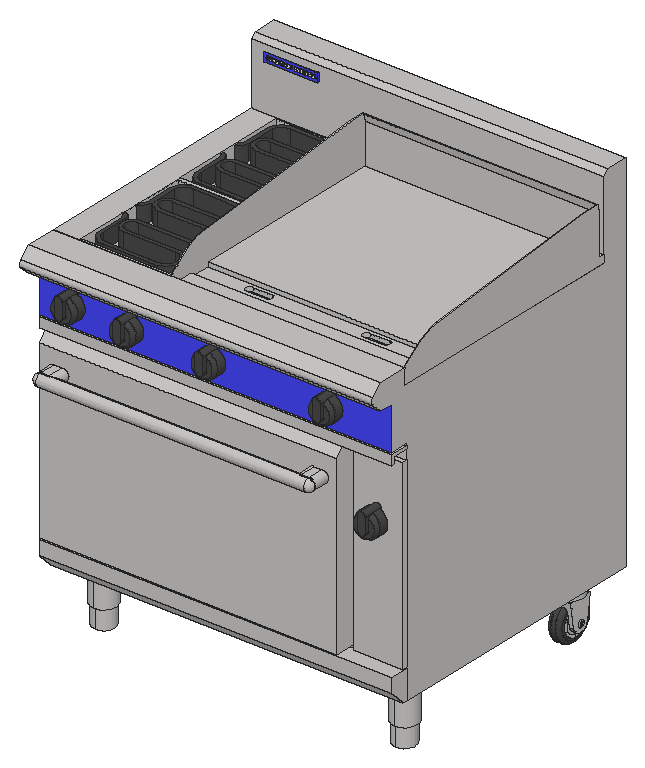
Revit family "QF_MOFFAT_BLUESEAL_CE_E506B", category Specialty Equipment, Revit 2012
Parameters
  Width = 900 mm  # constant formula
  Weight in Pounds = 436
  Watts = 18100 W
  Volts = 400 V
  URL Cutsheet = "www.moffat.com"
  URL = "www.moffat.com"
  Type Mark [instance] = ""
  Status [instance] = ""
  Specification by User [instance] = ""
  Specification by Manufacturer = ""
  Show Logo [instance] = yes
  Show Clearance [instance] = yes
  Show Casters [instance] = yes
  Serial Number = ""
  Seismic Rating = ""
  SMACNA No = ""
  Revision Code [instance] = ""
  Phase = 3
  Omniclass Number and Title = ""
  Number of Poles [instance] = 1
  NAFEM Spec ID Number = ""
  Model = "E506B"
  Min Ckt Ampacity = 0 A
  Max Overcurrent Protection = 0 A
  Masterspec = ""
  Manufacturer = "MOFFAT BLUESEAL"
  Legs [instance] = not(Show Casters)  # no
  Item Number [instance] = ""
  Installed By [instance] = ""
  Identify Quantity as Lot [instance] = yes
  Height = 970 mm  # constant formula
  HP = ""
  Furnished By [instance] = ""
  Foodservice Equipment Identifier [instance] = yes
  FL Amps = 20.9 A
  Electrical Remarks = "29.3A PER PHASE"
  Electric Connection Type = ""
  Elec Conn RI Height = 0 mm
  Elec Conn Connection Height = 0 mm
  Description = "900MM ELECTRIC RANGE WITH STATIC OVEN"
  Depth = 812 mm  # constant formula
  Cycle = 50 Hz
  Conn Plug = ""
  Conn Conduit = yes
  CSI MasterFormat = ""
  CSI Master Format = ""
  Body Finish = QF_Finishes_Stainless Steel
  Apparent Power = 0 VA
Reference planes
  plane 1 "BACK": y = 0
  plane 2: z = 0
  plane 3 "LEFT": x = 0
  plane 4 "RIGHT": x = 900
  plane 5 "FRONT": y = -812
  plane 6 "TOP": z = 970
  plane 7 "Center Y": x = 450
  plane 8 "Center X": y = -406
  plane 9: x = 280
  plane 10: y = -574.272
  plane 11: y = -304.972
  plane 12: y = -364.972
  plane 13: y = -812
  plane 14: x = 834.5
  plane 15: y = -32
  plane 16: z = 655
  plane 17: y = -100
  plane 18: z = 1085
  plane 19: y = -705
  plane 20: x = 750
Forms (mm)
  Extrusion 1, solid, material "QF_Finishes_Stainless Steel" <- "Body Finish"
    sketch origin (0, 0, 0) x (0, 1, 0) y (0, 0, 1)
      loop
        line (0, 150) -> (0, 1085) -> (-57.5, 1085) -> (-70, 1072.5) -> (-70, 875) -> (-705, 875) -> (-705, 915) -> (-783.97, 915) -> (-808.476, 890.494)
        arc (-808.476, 890.494) -> (-811.994, 882) -> (-808.476, 873.506) r 12.013
        line (-808.476, 873.506) -> (-784.97, 850) -> (-749, 850) -> (-749, 740) -> (-699, 740) -> (-699, 150) -> (0, 150)
    from 0 to 900
  Extrusion 2, solid, material "QF_Finishes_Stainless Steel"
    sketch origin (0, 7, 0) x (0, 1, 0) y (0, 0, 1)
      loop
        line (-706, 700) -> (-732, 700) -> (-756, 676) -> (-756, 227.5) -> (-706, 227.5) -> (-706, 700)
    from 0 to 760
  Extrusion 3, solid, material "QF_Finishes_Stainless Steel"
    sketch origin (723.5, 7, 0) x (0, 1, 0) y (0, 0, 1)
      loop
        line (-706, 700) -> (-721, 700) -> (-721, 227.5) -> (-706, 227.5) -> (-706, 700)
    from 51.5 to 176.5
  Revolve 4, solid, material "QF_Finishes_Stainless Steel" <- "Body Finish"
    sketch origin (834.5, -696.126, 0) x (0, 1, 0) y (0, 0, -1)
      loop
        line (39.376, -150) -> (71.126, -150) -> (71.126, 0) -> (43.626, 0) -> (43.626, -50) -> (39.376, -50) -> (39.376, -150)
      axis (71.126, -150) -> (71.126, 0)
    angle from 0 to 360
  Revolve 5, solid, material "QF_Finishes_Stainless Steel" <- "Body Finish"
    sketch origin (65.5, -696.126, 0) x (0, 1, 0) y (0, 0, 1)
      loop
        line (39.376, 150) -> (39.376, 50) -> (43.626, 50) -> (43.626, 0) -> (71.126, 0) -> (71.126, 150) -> (39.376, 150)
      axis (71.126, 150) -> (71.126, 0)
    angle from 0 to 360
  Extrusion 6, solid, material "QF_Finishes_Stainless Steel"
    sketch origin (-64.5, 0, 325) x (1, 0, 0) y (0, 1, 0)
      loop
        circle (834.5, -32) r 10
    from 330 to 371
  Revolve 7, solid, material "QF_Finishes_Black"
    sketch origin (750, 45.874, -0.118) x (0, 1, 0) y (0, 0, 1)
      loop
        line (-827.874, 829.5) -> (-838.874, 823.651) -> (-838.874, 797) -> (-794.874, 797) -> (-794.874, 802) -> (-804.874, 802) -> (-804.874, 829.5) -> (-827.874, 829.5)
      axis (-838.874, 797) -> (-794.874, 797)
    angle from 0 to 360
  Revolve 8, solid, material "QF_Finishes_Black"
    sketch origin (90.649, 45.874, -0.118) x (0, 1, 0) y (0, 0, -1)
      loop
        line (-827.874, -829.5) -> (-804.874, -829.5) -> (-804.874, -802) -> (-794.874, -802) -> (-794.874, -797) -> (-838.874, -797) -> (-838.874, -823.651) -> (-827.874, -829.5)
      axis (-838.874, -797) -> (-794.874, -797)
    angle from 0 to 360
  Revolve 9, solid, material "QF_Finishes_Black"
    sketch origin (240.649, 45.874, -0.118) x (0, 1, 0) y (0, 0, -1)
      loop
        line (-827.874, -829.5) -> (-804.874, -829.5) -> (-804.874, -802) -> (-794.874, -802) -> (-794.874, -797) -> (-838.874, -797) -> (-838.874, -823.651) -> (-827.874, -829.5)
      axis (-838.874, -797) -> (-794.874, -797)
    angle from 0 to 360
  Revolve 10, solid, material "QF_Finishes_Black"
    sketch origin (450, 45.874, -0.118) x (0, 1, 0) y (0, 0, -1)
      loop
        line (-827.874, -829.5) -> (-804.874, -829.5) -> (-804.874, -802) -> (-794.874, -802) -> (-794.874, -797) -> (-838.874, -797) -> (-838.874, -823.651) -> (-827.874, -829.5)
      axis (-838.874, -797) -> (-794.874, -797)
    angle from 0 to 360
  Extrusion 11, solid, material "QF_Finishes_Black"
    sketch origin (238.456, 7, -0.118) x (-1, 0, 0) y (0, 0, -1)
      loop
        arc (158.3, -789) -> (148.3, -779) -> (138.3, -789) r 10
        line (138.3, -789) -> (138.3, -824)
        arc (138.3, -824) -> (148.3, -834) -> (158.3, -824) r 10
        line (158.3, -824) -> (158.3, -789)
    from 759 to 808
  Extrusion 12, solid, material "QF_Finishes_Black"
    sketch origin (388.456, 7, -0.118) x (-1, 0, 0) y (0, 0, -1)
      loop
        arc (158.3, -789) -> (148.3, -779) -> (138.3, -789) r 10
        line (138.3, -789) -> (138.3, -824)
        arc (138.3, -824) -> (148.3, -834) -> (158.3, -824) r 10
        line (158.3, -824) -> (158.3, -789)
    from 759 to 808
  Extrusion 13, solid, material "QF_Finishes_Black"
    sketch origin (602.193, 7, -0.118) x (1, 0, 0) y (0, 0, 1)
      loop
        line (158.3, 789) -> (158.3, 824)
        arc (158.3, 824) -> (148.3, 834) -> (138.3, 824) r 10
        line (138.3, 824) -> (138.3, 789)
        arc (138.3, 789) -> (148.3, 779) -> (158.3, 789) r 10
    from 759 to 808
  Extrusion 14, solid, material "QF_Finishes_Black"
    sketch origin (597.807, 7, -0.118) x (-1, 0, 0) y (0, 0, -1)
      loop
        arc (158.3, -789) -> (148.3, -779) -> (138.3, -789) r 10
        line (138.3, -789) -> (138.3, -824)
        arc (138.3, -824) -> (148.3, -834) -> (158.3, -824) r 10
        line (158.3, -824) -> (158.3, -789)
    from 759 to 808
  Revolve 15, solid, material "QF_Finishes_Black"
    sketch origin (836.851, 80.874, -245.743) x (0, 1, 0) y (0, 0, 1)
      loop
        line (-827.874, 829.5) -> (-838.874, 823.651) -> (-838.874, 797) -> (-794.874, 797) -> (-794.874, 802) -> (-804.874, 802) -> (-804.874, 829.5) -> (-827.874, 829.5)
      axis (-838.874, 797) -> (-794.874, 797)
    angle from 0 to 360
  Extrusion 16, solid, material "QF_Finishes_Black"
    sketch origin (689.044, 42, -245.743) x (1, 0, 0) y (0, 0, 1)
      loop
        line (158.3, 789) -> (158.3, 824)
        arc (158.3, 824) -> (148.3, 834) -> (138.3, 824) r 10
        line (138.3, 824) -> (138.3, 789)
        arc (138.3, 789) -> (148.3, 779) -> (158.3, 789) r 10
    from 759 to 808
  Extrusion 17, solid, material "QF_Door-Drawer Clearances", visible <- "Show Clearance", detail levels coarse
    sketch origin (0, 7, 0) x (0, -1, 0) y (0, 0, 1)
      loop
        line (756, 697.347) -> (756, 227.5) -> (1225.847, 227.5)
        arc (1225.847, 227.5) -> (1088.232, 559.732) -> (756, 697.347) r 469.847
    from 0 to -760
  Extrusion 18, void
    sketch origin (0, 0, 220) x (1, 0, 0) y (0, 1, 0)
      loop
        line (824, -87) -> (824, 0) -> (694, 0) -> (694, -39) -> (744, -87) -> (824, -87)
    from 0 to 476
  Extrusion 19, solid, material "QF_Finishes_Stainless Steel"
    sketch origin (0, -749, 227.5) x (0, 0, 1) y (-1, 0, 0)
      loop
        line (380.625, -38.246) -> (380.625, -58.528)
        arc (380.625, -58.528) -> (395.625, -73.528) -> (410.625, -58.528) r 15
        line (410.625, -58.528) -> (410.625, -38.246)
        arc (410.625, -38.246) -> (395.625, -23.246) -> (380.625, -38.246) r 15
      loop
        arc (380.625, -723.039) -> (395.625, -738.039) -> (410.625, -723.039) r 15
        line (410.625, -723.039) -> (410.625, -702.757)
        arc (410.625, -702.757) -> (395.625, -687.757) -> (380.625, -702.757) r 15
        line (380.625, -702.757) -> (380.625, -723.039)
    from 0 to 44
  Revolve 20, solid, material "QF_Finishes_Stainless Steel"
    sketch origin (0, -793, 0) x (1, 0, 0) y (0, 0, 1)
      loop
        arc (738.039, 623.125) -> (733.646, 633.732) -> (723.039, 638.125) r 15
        line (723.039, 638.125) -> (38.246, 638.125)
        arc (38.246, 638.125) -> (27.64, 633.732) -> (23.246, 623.125) r 15
        line (23.246, 623.125) -> (738.039, 623.125)
      axis (738.039, 623.125) -> (23.246, 623.125)
    angle from 0 to 360
  Extrusion 21, solid, material "QF_Finishes_Stainless Steel" <- "Body Finish"
    sketch origin (0, 7, 0) x (0, 1, 0) y (0, 0, 1)
      loop
        line (-756, 710) -> (-747.224, 710) -> (-749.613, 726.999) -> (-707.93, 726.999) -> (-707.93, 734.003) -> (-756, 734.003) -> (-756, 710)
    from 0 to 900
  Extrusion 22, solid, material "QF_Finishes_Stainless Steel" <- "Body Finish"
    sketch origin (0, 4.73, 0) x (0, 1, 0) y (0, 0, 1)
      loop
        line (-753.73, 222.5) -> (-753.73, 186) -> (-717.73, 150) -> (-703.73, 150) -> (-703.73, 222.5) -> (-753.73, 222.5)
    from 0 to 900
  Extrusion 23, solid, material "QF_Finishes_Stainless Steel", visible <- "Show Casters"
    sketch origin (71.501, 133.353, -8.783) x (0, 1, 0) y (0, 0, 1)
      loop
        line (-201.603, 118.783) -> (-265.103, 118.783) -> (-252.746, 53.895)
        arc (-252.746, 53.895) -> (-233.353, 38.783) -> (-213.959, 53.895) r 20
        line (-213.959, 53.895) -> (-201.603, 118.783)
    from -35.667 to 22.923
  Revolve 24, solid, material "QF_Finishes_Stainless Steel", visible <- "Show Casters"
    sketch origin (65, -203, 0) x (0, 1, 0) y (0, 0, 1)
      loop
        line (67.25, 150) -> (67.25, 110) -> (103, 110) -> (103, 150) -> (67.25, 150)
      axis (103, 150) -> (103, 110)
    angle from 0 to 360
  Revolve 25, solid, material "QF_Finishes_Stainless Steel", visible <- "Show Casters"
    sketch origin (834.5, -203, 0) x (0, 1, 0) y (0, 0, -1)
      loop
        line (67.25, -150) -> (103, -150) -> (103, -110) -> (67.25, -110) -> (67.25, -150)
      axis (103, -150) -> (103, -110)
    angle from 0 to 360
  Revolve 26, solid, material "QF_Finishes_Stainless Steel", visible <- "Show Casters"
    sketch origin (785.276, -99.755, -13.653) x (1, 0, 0) y (0, 0, 1)
      loop
        line (14.841, 64.453) -> (83.584, 64.453) -> (83.584, 67.958) -> (82.314, 69.228) -> (80.79, 69.228) -> (80.79, 72.674) -> (68.644, 72.674) -> (68.644, 82.639) -> (65.088, 84.692) -> (63.738, 93.028) -> (65.881, 93.028) -> (65.881, 99.378) -> (65.088, 99.378) -> (65.088, 105.728)
        arc (65.088, 105.728) -> (62.298, 112.463) -> (55.563, 115.253) r 9.525
        line (55.563, 115.253) -> (42.863, 115.253)
        arc (42.863, 115.253) -> (36.127, 112.463) -> (33.338, 105.728) r 9.525
        line (33.338, 105.728) -> (33.338, 99.378) -> (32.544, 99.378) -> (32.544, 93.028) -> (34.687, 93.028) -> (33.352, 84.781) -> (29.782, 82.719) -> (29.782, 72.674) -> (17.635, 72.674) -> (17.635, 69.228) -> (16.111, 69.228) -> (14.841, 67.958) -> (14.841, 64.453)
      axis (14.841, 64.453) -> (83.584, 64.453)
    angle from 0 to 360
  Extrusion 27, solid, material "QF_Finishes_Stainless Steel", visible <- "Show Casters"
    sketch origin (841.001, 133.353, -8.783) x (0, 1, 0) y (0, 0, 1)
      loop
        line (-201.603, 118.783) -> (-265.103, 118.783) -> (-252.746, 53.895)
        arc (-252.746, 53.895) -> (-233.353, 38.783) -> (-213.959, 53.895) r 20
        line (-213.959, 53.895) -> (-201.603, 118.783)
    from -35.667 to 22.923
  Revolve 28, solid, material "QF_Finishes_Stainless Steel", visible <- "Legs"
    sketch origin (65, -165, 0) x (0, 1, 0) y (0, 0, 1)
      loop
        line (33.25, 150) -> (33.25, 50) -> (37.5, 50) -> (37.5, 0) -> (65, 0) -> (65, 150) -> (33.25, 150)
      axis (65, 150) -> (65, 0)
    angle from 0 to 360
  Revolve 29, solid, material "QF_Finishes_Stainless Steel", visible <- "Legs"
    sketch origin (834.5, -165, 0) x (0, 1, 0) y (0, 0, -1)
      loop
        line (33.25, -150) -> (65, -150) -> (65, 0) -> (37.5, 0) -> (37.5, -50) -> (33.25, -50) -> (33.25, -150)
      axis (65, -150) -> (65, 0)
    angle from 0 to 360
  Revolve 30, solid, material "QF_Finishes_Stainless Steel", visible <- "Show Casters"
    sketch origin (114.224, -99.755, -13.653) x (-1, 0, 0) y (0, 0, -1)
      loop
        line (14.841, -64.453) -> (14.841, -67.958) -> (16.111, -69.228) -> (17.635, -69.228) -> (17.635, -72.674) -> (29.782, -72.674) -> (29.782, -82.719) -> (33.352, -84.781) -> (34.687, -93.028) -> (32.544, -93.028) -> (32.544, -99.378) -> (33.338, -99.378) -> (33.338, -105.728)
        arc (33.338, -105.728) -> (36.127, -112.463) -> (42.863, -115.253) r 9.525
        line (42.863, -115.253) -> (55.563, -115.253)
        arc (55.563, -115.253) -> (62.298, -112.463) -> (65.088, -105.728) r 9.525
        line (65.088, -105.728) -> (65.088, -99.378) -> (65.881, -99.378) -> (65.881, -93.028) -> (63.738, -93.028) -> (65.088, -84.692) -> (68.644, -82.639) -> (68.644, -72.674) -> (80.79, -72.674) -> (80.79, -69.228) -> (82.314, -69.228) -> (83.584, -67.958) -> (83.584, -64.453) -> (14.841, -64.453)
      axis (14.841, -64.453) -> (83.584, -64.453)
    angle from 0 to 360
  Extrusion 31, solid, material "QF_Finishes_Stainless Steel"
    sketch origin (0, 0, 0) x (1, 0, 0) y (0, 1, 0)
      loop
        circle (826, -501) r 6.35
    from 150 to 147.817
Cuts and joins
  Extrusion 18 cuts Extrusion 1
Lines and regions (mm)
  Split face 1
    outline origin (900, 0, 1085) x (-1, 0, 0) y (0, -1, 0)
      loop
        arc (867.206, 18.385) -> (875.866, 23.385) -> (875.866, 33.385) r 10
        line (875.866, 33.385) -> (871.824, 40.385)
        arc (871.824, 40.385) -> (868.164, 44.045) -> (863.164, 45.385) r 10
        line (863.164, 45.385) -> (635.206, 45.385)
        arc (635.206, 45.385) -> (626.545, 40.385) -> (626.545, 30.385) r 10
        line (626.545, 30.385) -> (630.587, 23.385)
        arc (630.587, 23.385) -> (634.247, 19.725) -> (639.247, 18.385) r 10
        line (639.247, 18.385) -> (867.206, 18.385)
  Split face 2
    outline origin (900, 0, 1085) x (-1, 0, 0) y (0, -1, 0)
      loop
        arc (567.206, 18.385) -> (575.866, 23.385) -> (575.866, 33.385) r 10
        line (575.866, 33.385) -> (571.824, 40.385)
        arc (571.824, 40.385) -> (568.164, 44.045) -> (563.164, 45.385) r 10
        line (563.164, 45.385) -> (335.206, 45.385)
        arc (335.206, 45.385) -> (326.545, 40.385) -> (326.545, 30.385) r 10
        line (326.545, 30.385) -> (330.587, 23.385)
        arc (330.587, 23.385) -> (334.247, 19.725) -> (339.247, 18.385) r 10
        line (339.247, 18.385) -> (567.206, 18.385)
  Split face 3
    outline origin (900, 0, 1085) x (-1, 0, 0) y (0, -1, 0)
      loop
        arc (35.206, 45.385) -> (26.545, 40.385) -> (26.545, 30.385) r 10
        line (26.545, 30.385) -> (30.587, 23.385)
        arc (30.587, 23.385) -> (34.247, 19.725) -> (39.247, 18.385) r 10
        line (39.247, 18.385) -> (267.206, 18.385)
        arc (267.206, 18.385) -> (275.866, 23.385) -> (275.866, 33.385) r 10
        line (275.866, 33.385) -> (271.824, 40.385)
        arc (271.824, 40.385) -> (268.164, 44.045) -> (263.164, 45.385) r 10
        line (263.164, 45.385) -> (35.206, 45.385)
  symbolic lines
    curve 1: line (0, 0, 0) -> (0, -812, 0)
    curve 2: line (900, 0, 0) -> (0, 0, 0)
    curve 3: line (900, -812, 0) -> (900, 0, 0)
    curve 4: line (0, -70, 0) -> (900, -70, 0)
    curve 5: line (900, -812, 0) -> (0, -812, 0)
    curve 6: line (900, -705, 0) -> (0, -705, 0)
    curve 7: arc (22.65, -812, 0) -> (34.104, -822.278, 0) -> (48.889, -826.544, 0) r 34.455
    curve 8: line (48.889, -826.544, 0) -> (721.858, -826.544, 0)
    curve 9: arc (721.858, -826.544, 0) -> (736.403, -822.647, 0) -> (747.05, -812, 0) r 29.089
    curve 13: line (32.794, -18.385, 0) -> (260.753, -18.385, 0)
    curve 14: arc (260.753, -18.385, 0) -> (265.753, -19.725, 0) -> (269.413, -23.385, 0) r 10
    curve 15: line (269.413, -23.385, 0) -> (273.455, -30.385, 0)
    curve 16: arc (273.455, -30.385, 0) -> (273.455, -40.385, 0) -> (264.794, -45.385, 0) r 10
    curve 17: line (264.794, -45.385, 0) -> (36.836, -45.385, 0)
    curve 18: arc (36.836, -45.385, 0) -> (31.836, -44.045, 0) -> (28.176, -40.385, 0) r 10
    curve 19: line (28.176, -40.385, 0) -> (24.134, -33.385, 0)
    curve 20: arc (24.134, -33.385, 0) -> (24.134, -23.385, 0) -> (32.794, -18.385, 0) r 10
    curve 21: line (560.753, -18.385, 0) -> (332.794, -18.385, 0)
    curve 22: arc (332.794, -18.385, 0) -> (324.134, -23.385, 0) -> (324.134, -33.385, 0) r 10
    curve 23: line (324.134, -33.385, 0) -> (328.176, -40.385, 0)
    curve 24: arc (328.176, -40.385, 0) -> (331.836, -44.045, 0) -> (336.836, -45.385, 0) r 10
    curve 25: line (336.836, -45.385, 0) -> (564.794, -45.385, 0)
    curve 26: arc (564.794, -45.385, 0) -> (573.455, -40.385, 0) -> (573.455, -30.385, 0) r 10
    curve 27: line (573.455, -30.385, 0) -> (569.413, -23.385, 0)
    curve 28: arc (569.413, -23.385, 0) -> (565.753, -19.725, 0) -> (560.753, -18.385, 0) r 10
    curve 29: line (632.794, -18.385, 0) -> (860.753, -18.385, 0)
    curve 30: arc (860.753, -18.385, 0) -> (865.753, -19.725, 0) -> (869.413, -23.385, 0) r 10
    curve 31: line (869.413, -23.385, 0) -> (873.455, -30.385, 0)
    curve 32: arc (873.455, -30.385, 0) -> (873.455, -40.385, 0) -> (864.794, -45.385, 0) r 10
    curve 33: line (864.794, -45.385, 0) -> (636.836, -45.385, 0)
    curve 34: arc (636.836, -45.385, 0) -> (631.836, -44.045, 0) -> (628.176, -40.385, 0) r 10
    curve 35: line (628.176, -40.385, 0) -> (624.134, -33.385, 0)
    curve 36: arc (624.134, -33.385, 0) -> (624.134, -23.385, 0) -> (632.794, -18.385, 0) r 10
    curve 37: line (0, -783.97, 0) -> (900, -783.97, 0)
    curve 38: line (0, -57.5, 0) -> (900, -57.5, 0)
  symbolic lines, style "QF_Door-Drawer Clearances"
    curve 10: line (0, -1218.847, 0) -> (0, -812, 0)
    curve 11: line (0, -1218.847, 0) -> (760, -1218.847, 0)
    curve 12: line (760, -1218.847, 0) -> (760, -812, 0)
  symbolic lines, style "SpecialityEquipmentHiddenLines", visible <- "Show Casters"
    curve 39: line (106.952, -62.61, 0) -> (56.152, -150.598, 0)
    curve 40: line (79.456, -46.735, 0) -> (106.952, -62.61, 0)
    curve 41: line (28.656, -134.723, 0) -> (79.456, -46.735, 0)
    curve 42: line (56.152, -150.598, 0) -> (28.656, -134.723, 0)
    curve 43: line (866.952, -62.61, 0) -> (816.152, -150.598, 0)
    curve 44: line (839.456, -46.735, 0) -> (866.952, -62.61, 0)
    curve 45: line (788.656, -134.723, 0) -> (839.456, -46.735, 0)
    curve 46: line (816.152, -150.598, 0) -> (788.656, -134.723, 0)
Dimensions and locks
  equal spacing: plane 3 "LEFT", plane 7 "Center Y", plane 4 "RIGHT"
  "Width": plane 3 "LEFT" to plane 4 "RIGHT"
  equal spacing: plane 5 "FRONT", plane 8 "Center X", plane 1 "BACK"
  plane 5 "FRONT" to plane 1 "BACK" = 812 mm  (x2)
  equal spacing: plane 4 "RIGHT", plane 7 "Center Y", plane 3 "LEFT"
  plane 4 "RIGHT" to plane 3 "LEFT" = 900 mm
  "Height": plane 6 "TOP" to level
  plane 10 to plane 1 "BACK" = 574.272 mm
  plane 11 to plane 1 "BACK" = 304.972 mm  (x2)
  plane 9 to plane 3 "LEFT" = 280 mm
  "Depth": plane 1 "BACK" to plane 13
  plane 13 to plane 5 "FRONT" = 0 mm
  plane 6 "TOP" to plane 2 = 970 mm
  plane 2 to Extrusion 1 sketch curve = 875 mm
  locked: plane 2 to Extrusion 1 sketch curve at 915
  Revolve 26 sketch curve to Revolve 26 sketch curve = 50.8 mm
  Revolve 30 sketch curve to Revolve 30 sketch curve = 50.8 mm
  plane 18 to level = 1085 mm
  Extrusion 31 sketch curve to plane 1 "BACK" = 501 mm
  Extrusion 31 sketch curve to plane 4 "RIGHT" = 74 mm
  aligned and locked: level to plane 2
  aligned and locked: curve 3 to plane 4 "RIGHT"
Automatic sketch dimensions
  Extrusion 1 sketch curve to plane 19 = 0 mm
  Extrusion 1 sketch curve to plane 18 = 0 mm
  Extrusion 1 sketch curve to plane 1 "BACK" = 0 mm
  plane 19 to Extrusion 1 sketch curve = 44 mm
  Extrusion 1 sketch curve to plane 5 "FRONT" = 28.03 mm
  Extrusion 1 sketch curve to plane 5 "FRONT" = 27.03 mm
  Extrusion 1 sketch curve to plane 5 "FRONT" = 12.018 mm
  Extrusion 1 sketch curve to plane 5 "FRONT" = 3.524 mm  (x2)
  Extrusion 1 sketch curve to plane 19 = 6 mm
  Extrusion 1 sketch curve to plane 18 = 12.5 mm
  plane 17 to Extrusion 1 sketch curve = 30 mm
  Extrusion 1 sketch curve to Extrusion 1 sketch curve = 12.5 mm
  Extrusion 1 sketch curve to Extrusion 1 sketch curve = 41.494 mm
  Extrusion 1 sketch curve to Extrusion 1 sketch curve = 25 mm
  plane 16 to Extrusion 1 sketch curve = 85 mm
  level to Extrusion 1 sketch curve = 150 mm
  Extrusion 1 sketch curve to Extrusion 1 sketch curve = 8.494 mm
  plane 19 to Extrusion 2 sketch curve = 20 mm
  Extrusion 2 sketch curve to plane 19 = 6 mm
  level to Extrusion 2 sketch curve = 227.5 mm
  plane 19 to Extrusion 3 sketch curve = 9 mm
  Extrusion 3 sketch curve to plane 19 = 6 mm
  level to Extrusion 3 sketch curve = 227.5 mm
  plane 16 to Extrusion 3 sketch curve = 45 mm
  Revolve 4 sketch curve to level = 0 mm
  Revolve 4 sketch curve to plane 19 = 48.25 mm
  Revolve 4 sketch curve to Revolve 4 sketch curve = 4.25 mm
  Revolve 4 sketch curve to Revolve 4 sketch curve = 27.5 mm  (x2)
  level to Revolve 4 sketch curve = 50 mm
  Revolve 4 sketch curve to Revolve 4 sketch curve = 0 mm
  Revolve 4 sketch curve to Revolve 4 sketch curve = 100 mm
  Revolve 4 sketch curve to Revolve 4 sketch curve = 55 mm
  Revolve 5 sketch curve to level = 0 mm
  Revolve 5 sketch curve to plane 19 = 48.25 mm
  Revolve 5 sketch curve to Revolve 5 sketch curve = 4.25 mm
  Revolve 5 sketch curve to Revolve 5 sketch curve = 27.5 mm  (x2)
  Revolve 5 sketch curve to level = 55 mm
  Revolve 5 sketch curve to Revolve 5 sketch curve = 50 mm
  Revolve 5 sketch curve to Revolve 5 sketch curve = 0 mm
  Revolve 5 sketch curve to Revolve 5 sketch curve = 100 mm
  Extrusion 6 sketch curve to plane 15 = 0 mm
  Extrusion 6 sketch curve to plane 14 = 64.5 mm
  Revolve 7 sketch curve to plane 5 "FRONT" = 19 mm
  Revolve 7 sketch curve to Revolve 7 sketch curve = 0 mm  (x2)
  Revolve 7 sketch curve to Revolve 7 sketch curve = 11 mm
  Revolve 7 sketch curve to Revolve 7 sketch curve = 12.7 mm
  Revolve 7 sketch curve to Revolve 7 sketch curve = 23 mm
  Revolve 7 sketch curve to Revolve 7 sketch curve = 10 mm
  plane 16 to Revolve 7 sketch curve = 141.882 mm
  Revolve 7 sketch curve to Revolve 7 sketch curve = 5 mm
  Revolve 7 sketch curve to Revolve 7 sketch curve = 26.651 mm
  Revolve 7 sketch curve to Revolve 7 sketch curve = 5.849 mm
  Revolve 8 sketch curve to plane 5 "FRONT" = 19 mm
  Revolve 8 sketch curve to Revolve 8 sketch curve = 0 mm  (x2)
  Revolve 8 sketch curve to Revolve 8 sketch curve = 11 mm
  Revolve 8 sketch curve to Revolve 8 sketch curve = 12.7 mm
  Revolve 8 sketch curve to Revolve 8 sketch curve = 23 mm
  Revolve 8 sketch curve to Revolve 8 sketch curve = 10 mm
  Revolve 8 sketch curve to plane 6 "TOP" = 140.618 mm
  Revolve 8 sketch curve to Revolve 8 sketch curve = 5.849 mm
  Revolve 8 sketch curve to Revolve 8 sketch curve = 27.5 mm
  Revolve 8 sketch curve to Revolve 8 sketch curve = 5 mm
  Revolve 9 sketch curve to plane 5 "FRONT" = 19 mm
  Revolve 9 sketch curve to Revolve 9 sketch curve = 0 mm  (x2)
  Revolve 9 sketch curve to Revolve 9 sketch curve = 11 mm
  Revolve 9 sketch curve to Revolve 9 sketch curve = 12.7 mm
  Revolve 9 sketch curve to Revolve 9 sketch curve = 23 mm
  Revolve 9 sketch curve to Revolve 9 sketch curve = 10 mm
  Revolve 9 sketch curve to plane 6 "TOP" = 140.618 mm
  Revolve 9 sketch curve to Revolve 9 sketch curve = 5.849 mm
  Revolve 9 sketch curve to Revolve 9 sketch curve = 27.5 mm
  Revolve 9 sketch curve to Revolve 9 sketch curve = 5 mm
  Revolve 10 sketch curve to plane 5 "FRONT" = 19 mm
  Revolve 10 sketch curve to Revolve 10 sketch curve = 0 mm  (x2)
  Revolve 10 sketch curve to Revolve 10 sketch curve = 11 mm
  Revolve 10 sketch curve to Revolve 10 sketch curve = 12.7 mm
  Revolve 10 sketch curve to Revolve 10 sketch curve = 23 mm
  Revolve 10 sketch curve to Revolve 10 sketch curve = 10 mm
  Revolve 10 sketch curve to plane 6 "TOP" = 140.618 mm
  Revolve 10 sketch curve to Revolve 10 sketch curve = 5.849 mm
  Revolve 10 sketch curve to Revolve 10 sketch curve = 27.5 mm
  Revolve 10 sketch curve to Revolve 10 sketch curve = 5 mm
  Extrusion 11 sketch curve to Extrusion 11 sketch curve = 10 mm
  Extrusion 11 sketch curve to plane 6 "TOP" = 146.118 mm
  Extrusion 11 sketch curve to Extrusion 11 sketch curve = 35 mm
  Extrusion 12 sketch curve to plane 9 = 29.844 mm
  Extrusion 12 sketch curve to Extrusion 12 sketch curve = 10 mm
  Extrusion 12 sketch curve to plane 6 "TOP" = 146.118 mm
  Extrusion 12 sketch curve to Extrusion 12 sketch curve = 35 mm
  Extrusion 13 sketch curve to plane 14 = 94.007 mm
  Extrusion 13 sketch curve to Extrusion 13 sketch curve = 10 mm
  plane 16 to Extrusion 13 sketch curve = 133.882 mm
  Extrusion 13 sketch curve to Extrusion 13 sketch curve = 35 mm
  plane 7 "Center Y" to Extrusion 14 sketch curve = 9.507 mm
  Extrusion 14 sketch curve to Extrusion 14 sketch curve = 10 mm
  Extrusion 14 sketch curve to plane 6 "TOP" = 146.118 mm
  Extrusion 14 sketch curve to Extrusion 14 sketch curve = 35 mm
  Revolve 15 sketch curve to plane 5 "FRONT" = 54 mm
  Revolve 15 sketch curve to Revolve 15 sketch curve = 0 mm  (x2)
  Revolve 15 sketch curve to Revolve 15 sketch curve = 11 mm
  Revolve 15 sketch curve to Revolve 15 sketch curve = 12.7 mm
  plane 19 to Revolve 15 sketch curve = 19 mm
  plane 19 to Revolve 15 sketch curve = 9 mm
  Revolve 15 sketch curve to plane 16 = 103.743 mm
  Revolve 15 sketch curve to Revolve 15 sketch curve = 5 mm
  Revolve 15 sketch curve to Revolve 15 sketch curve = 26.651 mm
  Revolve 15 sketch curve to Revolve 15 sketch curve = 5.849 mm
  Extrusion 16 sketch curve to plane 14 = 7.156 mm
  plane 14 to Extrusion 16 sketch curve = 2.844 mm
  Extrusion 16 sketch curve to plane 16 = 111.743 mm
  Extrusion 16 sketch curve to Extrusion 16 sketch curve = 35 mm
  plane 19 to Extrusion 17 sketch curve = 44 mm
  level to Extrusion 17 sketch curve = 227.5 mm
  plane 5 "FRONT" to Extrusion 17 sketch curve = 406.847 mm
  plane 1 "BACK" to Extrusion 18 sketch curve = 0 mm
  Extrusion 18 sketch curve to plane 15 = 7 mm
  Extrusion 18 sketch curve to plane 14 = 140.5 mm
  plane 17 to Extrusion 18 sketch curve = 13 mm
  Extrusion 18 sketch curve to Extrusion 18 sketch curve = 50 mm
  Extrusion 18 sketch curve to plane 14 = 10.5 mm
  Extrusion 19 sketch curve to plane 16 = 46.875 mm  (x2)
  Extrusion 19 sketch curve to Extrusion 19 sketch curve = 15 mm  (x2)
  Extrusion 19 sketch curve to plane 14 = 131.743 mm
  Extrusion 19 sketch curve to Extrusion 19 sketch curve = 20.282 mm  (x2)
  Revolve 20 sketch curve to plane 3 "LEFT" = 6.961 mm
  plane 3 "LEFT" to Revolve 20 sketch curve = 23.246 mm
  Revolve 20 sketch curve to plane 16 = 16.875 mm
  Revolve 20 sketch curve to Revolve 20 sketch curve = 15 mm
  Revolve 20 sketch curve to plane 16 = 31.875 mm
  plane 7 "Center Y" to Revolve 20 sketch curve = 138.039 mm
  Revolve 20 sketch curve to plane 14 = 111.461 mm
  plane 19 to Extrusion 21 sketch curve = 44 mm
  Extrusion 21 sketch curve to Extrusion 21 sketch curve = 6.387 mm
  Extrusion 21 sketch curve to Extrusion 21 sketch curve = 8.776 mm
  Extrusion 21 sketch curve to plane 19 = 4.07 mm
  plane 16 to Extrusion 21 sketch curve = 55 mm
  Extrusion 21 sketch curve to Extrusion 21 sketch curve = 16.999 mm
  Extrusion 21 sketch curve to Extrusion 21 sketch curve = 7.004 mm
  plane 19 to Extrusion 22 sketch curve = 44 mm
  Extrusion 22 sketch curve to Extrusion 22 sketch curve = 36.5 mm
  Extrusion 23 sketch curve to plane 17 = 0 mm
  Extrusion 23 sketch curve to plane 17 = 19.393 mm
  Extrusion 23 sketch curve to plane 17 = 31.75 mm
  plane 17 to Extrusion 23 sketch curve = 19.393 mm
  plane 17 to Extrusion 23 sketch curve = 31.75 mm
  level to Extrusion 23 sketch curve = 45.111 mm
  Extrusion 23 sketch curve to Extrusion 23 sketch curve = 4.889 mm
  Extrusion 23 sketch curve to Extrusion 23 sketch curve = 64.889 mm
  Revolve 24 sketch curve to plane 17 = 0 mm  (x2)
  Revolve 24 sketch curve to plane 17 = 35.75 mm
  Revolve 24 sketch curve to level = 55 mm
  level to Revolve 24 sketch curve = 50 mm
  Revolve 24 sketch curve to Revolve 24 sketch curve = 60 mm
  Revolve 24 sketch curve to Revolve 24 sketch curve = 40 mm
  Revolve 25 sketch curve to plane 17 = 0 mm  (x2)
  Revolve 25 sketch curve to plane 17 = 35.75 mm
  level to Revolve 25 sketch curve = 150 mm
  Revolve 25 sketch curve to Revolve 25 sketch curve = 40 mm
  level to Revolve 25 sketch curve = 50 mm
  Revolve 25 sketch curve to level = 55 mm
  Revolve 26 sketch curve to plane 14 = 34.382 mm
  Revolve 26 sketch curve to Revolve 26 sketch curve = 1.27 mm  (x4)
  Revolve 26 sketch curve to Revolve 26 sketch curve = 1.524 mm  (x2)
  Revolve 26 sketch curve to Revolve 26 sketch curve = 12.146 mm  (x2)
  Revolve 26 sketch curve to plane 14 = 16.68 mm
  Revolve 26 sketch curve to Revolve 26 sketch curve = 0.794 mm  (x2)
  Revolve 26 sketch curve to Revolve 26 sketch curve = 3.57 mm
  Revolve 26 sketch curve to Revolve 26 sketch curve = 2.143 mm
  Revolve 26 sketch curve to plane 14 = 6.361 mm
  plane 14 to Revolve 26 sketch curve = 5.13 mm
  plane 14 to Revolve 26 sketch curve = 6.339 mm
  plane 14 to Revolve 26 sketch curve = 14.515 mm
  Revolve 26 sketch curve to Revolve 26 sketch curve = 1.349 mm  (x2)
  Revolve 26 sketch curve to Revolve 26 sketch curve = 3.556 mm
  Revolve 26 sketch curve to plane 4 "RIGHT" = 2.18 mm
  level to Revolve 26 sketch curve = 50.8 mm
  Revolve 26 sketch curve to Revolve 26 sketch curve = 0 mm
  Revolve 26 sketch curve to Revolve 26 sketch curve = 3.505 mm  (x2)
  Revolve 26 sketch curve to Revolve 26 sketch curve = 3.447 mm  (x2)
  Revolve 26 sketch curve to Revolve 26 sketch curve = 9.964 mm
  Revolve 26 sketch curve to Revolve 26 sketch curve = 10.045 mm
  Revolve 26 sketch curve to Revolve 26 sketch curve = 2.053 mm
  Revolve 26 sketch curve to Revolve 26 sketch curve = 2.061 mm
  Revolve 26 sketch curve to Revolve 26 sketch curve = 8.247 mm
  Revolve 26 sketch curve to Revolve 26 sketch curve = 8.336 mm
  Revolve 26 sketch curve to Revolve 26 sketch curve = 6.35 mm  (x2)
  Extrusion 27 sketch curve to plane 17 = 0 mm
  Extrusion 27 sketch curve to plane 17 = 19.393 mm
  Extrusion 27 sketch curve to plane 17 = 31.75 mm
  plane 17 to Extrusion 27 sketch curve = 19.393 mm
  plane 17 to Extrusion 27 sketch curve = 31.75 mm
  level to Extrusion 27 sketch curve = 45.111 mm
  Extrusion 27 sketch curve to Extrusion 27 sketch curve = 4.889 mm
  Extrusion 27 sketch curve to Extrusion 27 sketch curve = 64.889 mm
  Revolve 28 sketch curve to level = 0 mm
  Revolve 28 sketch curve to plane 17 = 0 mm  (x2)
  Revolve 28 sketch curve to Revolve 28 sketch curve = 27.5 mm
  Revolve 28 sketch curve to Revolve 28 sketch curve = 31.75 mm
  Revolve 28 sketch curve to level = 55 mm
  Revolve 28 sketch curve to Revolve 28 sketch curve = 50 mm
  Revolve 28 sketch curve to Revolve 28 sketch curve = 0 mm
  Revolve 28 sketch curve to Revolve 28 sketch curve = 100 mm
  Revolve 29 sketch curve to level = 0 mm
  Revolve 29 sketch curve to plane 17 = 0 mm  (x2)
  Revolve 29 sketch curve to Revolve 29 sketch curve = 27.5 mm
  Revolve 29 sketch curve to Revolve 29 sketch curve = 31.75 mm
  level to Revolve 29 sketch curve = 50 mm
  Revolve 29 sketch curve to Revolve 29 sketch curve = 0 mm
  Revolve 29 sketch curve to Revolve 29 sketch curve = 100 mm
  Revolve 29 sketch curve to Revolve 29 sketch curve = 55 mm
  Revolve 30 sketch curve to Revolve 30 sketch curve = 1.27 mm  (x4)
  Revolve 30 sketch curve to Revolve 30 sketch curve = 1.524 mm  (x2)
  Revolve 30 sketch curve to Revolve 30 sketch curve = 0.794 mm  (x2)
  Revolve 30 sketch curve to Revolve 30 sketch curve = 3.57 mm
  Revolve 30 sketch curve to Revolve 30 sketch curve = 2.143 mm
  Revolve 30 sketch curve to Revolve 30 sketch curve = 1.349 mm  (x2)
  Revolve 30 sketch curve to Revolve 30 sketch curve = 3.556 mm
  Revolve 30 sketch curve to Revolve 30 sketch curve = 12.146 mm  (x2)
  Revolve 30 sketch curve to plane 3 "LEFT" = 2.68 mm
  level to Revolve 30 sketch curve = 101.6 mm
  Revolve 30 sketch curve to Revolve 30 sketch curve = 6.35 mm  (x4)
  Revolve 30 sketch curve to Revolve 30 sketch curve = 8.247 mm
  Revolve 30 sketch curve to Revolve 30 sketch curve = 8.336 mm
  Revolve 30 sketch curve to Revolve 30 sketch curve = 2.061 mm
  Revolve 30 sketch curve to Revolve 30 sketch curve = 2.053 mm
  Revolve 30 sketch curve to Revolve 30 sketch curve = 10.045 mm
  Revolve 30 sketch curve to Revolve 30 sketch curve = 9.964 mm
  Revolve 30 sketch curve to Revolve 30 sketch curve = 3.447 mm  (x2)
  Revolve 30 sketch curve to Revolve 30 sketch curve = 3.505 mm
  Split face 1 sketch curve to cut or joined group of Extrusion 1, Extrusion 18 = 27.115 mm
  Split face 1 sketch curve to cut or joined group of Extrusion 1, Extrusion 18 = 626.545 mm
  Split face 1 sketch curve to Split face 1 sketch curve = 4.041 mm  (x4)
  Split face 1 sketch curve to Split face 1 sketch curve = 8.66 mm  (x2)
  Split face 1 sketch curve to cut or joined group of Extrusion 1, Extrusion 18 = 12.115 mm
  Split face 1 sketch curve to Split face 1 sketch curve = 223.917 mm
  Split face 1 sketch curve to Split face 1 sketch curve = 7 mm  (x3)
  Split face 1 sketch curve to Split face 1 sketch curve = 17 mm
  Split face 2 sketch curve to cut or joined group of Extrusion 1, Extrusion 18 = 27.115 mm
  Split face 2 sketch curve to cut or joined group of Extrusion 1, Extrusion 18 = 326.545 mm
  Split face 2 sketch curve to cut or joined group of Extrusion 1, Extrusion 18 = 23.385 mm
  Split face 2 sketch curve to Split face 2 sketch curve = 4.041 mm  (x3)
  Split face 2 sketch curve to Split face 2 sketch curve = 8.66 mm  (x3)
  Split face 2 sketch curve to cut or joined group of Extrusion 1, Extrusion 18 = 12.115 mm
  Split face 2 sketch curve to Split face 2 sketch curve = 223.917 mm
  Split face 2 sketch curve to cut or joined group of Extrusion 1, Extrusion 18 = 18.385 mm
  Split face 2 sketch curve to Split face 2 sketch curve = 10 mm
  Split face 2 sketch curve to Split face 2 sketch curve = 7 mm
  Split face 3 sketch curve to cut or joined group of Extrusion 1, Extrusion 18 = 27.115 mm
  Split face 3 sketch curve to cut or joined group of Extrusion 1, Extrusion 18 = 26.545 mm
  Split face 3 sketch curve to cut or joined group of Extrusion 1, Extrusion 18 = 23.385 mm
  Split face 3 sketch curve to Split face 3 sketch curve = 4.041 mm  (x4)
  Split face 3 sketch curve to Split face 3 sketch curve = 8.66 mm  (x2)
  Split face 3 sketch curve to cut or joined group of Extrusion 1, Extrusion 18 = 22.115 mm
  Split face 3 sketch curve to Split face 3 sketch curve = 223.917 mm
  Split face 3 sketch curve to cut or joined group of Extrusion 1, Extrusion 18 = 17.115 mm
  Split face 3 sketch curve to Split face 3 sketch curve = 17 mm
  Split face 3 sketch curve to Split face 3 sketch curve = 7 mm
  Extrusion 2 sketch curve to Extrusion 2 sketch curve = 24 mm
  plane 16 to Extrusion 2 sketch curve = 21 mm
  plane 16 to Extrusion 2 sketch curve = 45 mm
  Extrusion 22 sketch curve to plane 19 = 6 mm
  level to Extrusion 22 sketch curve = 150 mm
  Extrusion 22 sketch curve to Extrusion 22 sketch curve = 36 mm
  plane 19 to Extrusion 22 sketch curve = 8 mm
  plane 3 "LEFT" to Extrusion 11 sketch curve = 100.156 mm
  plane 3 "LEFT" to Extrusion 19 sketch curve = 58.528 mm
  plane 3 "LEFT" to Revolve 30 sketch curve = 30.64 mm
  Revolve 30 sketch curve to Revolve 30 sketch curve = 9.525 mm
  Revolve 30 sketch curve to Revolve 30 sketch curve = 14.29 mm
  Revolve 30 sketch curve to Revolve 30 sketch curve = 12.7 mm
  Revolve 30 sketch curve to Revolve 30 sketch curve = 8.176 mm
  Revolve 30 sketch curve to Revolve 30 sketch curve = 0.808 mm
  plane 1 "BACK" to curve 1 = 0 mm
  curve 1 to plane 3 "LEFT" = 0 mm
  plane 5 "FRONT" to curve 7 = 0 mm
  plane 19 to curve 6 = 0 mm
  plane 3 "LEFT" to curve 7 = 22.65 mm
  curve 20 to plane 15 = 1.385 mm
  plane 3 "LEFT" to curve 20 = 24.134 mm
  curve 19 to curve 18 = 4.041 mm
  plane 3 "LEFT" to curve 41 = 28.656 mm
  plane 15 to curve 13 = 13.615 mm
  curve 20 to curve 13 = 8.66 mm
  curve 18 to curve 17 = 8.66 mm
  plane 5 "FRONT" to curve 8 = 14.544 mm
  curve 7 to curve 8 = 26.239 mm
  curve 7 to plane 5 "FRONT" = 19.857 mm
  curve 41 to curve 42 = 27.496 mm
  curve 40 to plane 15 = 14.735 mm
  curve 18 to curve 40 = 42.62 mm
  curve 13 to plane 9 = 19.247 mm
  curve 17 to plane 9 = 15.206 mm
  plane 15 to curve 14 = 8.615 mm
  curve 14 to curve 14 = 8.66 mm
  plane 15 to curve 16 = 1.615 mm
  curve 16 to plane 9 = 6.545 mm
  curve 23 to plane 15 = 1.385 mm
  plane 9 to curve 23 = 44.134 mm
  curve 23 to curve 24 = 4.041 mm
  plane 15 to curve 22 = 3.615 mm
  curve 22 to curve 22 = 8.66 mm
  curve 24 to curve 24 = 8.66 mm
  plane 7 "Center Y" to curve 28 = 110.753 mm
  curve 28 to curve 26 = 4.041 mm
  plane 15 to curve 27 = 8.615 mm
  curve 21 to curve 27 = 8.66 mm
  plane 15 to curve 27 = 1.615 mm
  curve 27 to curve 27 = 4.041 mm
  curve 36 to plane 15 = 1.385 mm
  curve 27 to curve 36 = 50.679 mm
  curve 35 to plane 15 = 8.385 mm
  curve 35 to curve 35 = 4.041 mm
  plane 15 to curve 29 = 13.615 mm
  curve 36 to curve 29 = 8.66 mm
  curve 34 to curve 34 = 8.66 mm
  curve 8 to plane 14 = 112.642 mm
  curve 45 to plane 17 = 34.723 mm
  curve 45 to plane 14 = 45.844 mm
  curve 9 to curve 9 = 25.191 mm
  curve 43 to plane 17 = 50.598 mm
  curve 45 to curve 43 = 27.496 mm
  curve 9 to curve 12 = 12.95 mm
  curve 45 to plane 15 = 14.735 mm
  plane 14 to curve 29 = 26.253 mm
  curve 30 to curve 32 = 4.041 mm  (x2)
  plane 15 to curve 31 = 8.615 mm
  curve 29 to curve 31 = 8.66 mm
  plane 15 to curve 32 = 1.615 mm
  curve 10 to curve 8 = 392.303 mm
  curve 37 to plane 5 "FRONT" = 28.03 mm
  curve 42 to plane 17 = 50.598 mm
  plane 17 to curve 4 = 30 mm
  curve 4 to curve 38 = 12.5 mm
  curve 32 to plane 15 = 13.385 mm
  curve 18 to plane 15 = 13.385 mm
  curve 25 to plane 15 = 13.385 mm
  curve 19 to curve 19 = 7 mm
  curve 23 to curve 23 = 7 mm
  radius of Extrusion 6 sketch curve = 10 mm
  radius of Extrusion 31 sketch curve = 6.35 mm
Nested families
  nested 1: "WALDORF LOGO_FACE BASE" at (32, -70, 1056.385) x (1, 0, 0) z (0, -1, 0), visible <- "Show Logo", type "WALDORF LOGO_FACE BASE", detail levels medium+fine
    with Show Logo yes
  nested 2: "ELECTRIC BURNER & GRIDDLE 900" at (0, -70, 875), type "ELECTRIC BURNER & GRIDDLE 900"
    with Width 900 mm, Type Mark "", Status "", Specification by User "", Show Clearance yes, Revision Code "", Number of Poles 1, Mechanical Remarks "", Mechanical Connection Type "", Item Number "", Installed By "", Identify Quantity as Lot yes, Gas RI Height 0 mm, Gas KW 0, Gas Input 0.0 Btu/h, Furnished By "", Foodservice Equipment Identifier yes, Electrical Remarks "", Electric Connection Type "", Elec Conn RI Height 0 mm, Elec Conn Connection Height 0 mm, Depth 635 mm
Connectors
  electrical at (826, -501, 147.817), driven by "Volts", driven by "Watts"
    settings: on Extrusion 31, index 5, voltage 400 V, apparent load 18100 VA, apparent load phase1 0 VA, apparent load phase2 0 VA, apparent load phase3 0 VA, power factor 1, load classification "Other", number of poles 1, system type 30, power factor state 1, is connector primary yes, connector utility no, sub classification motor no, connector description "ELECTRICAL CONNECTION"
Definition of nested family "WALDORF LOGO_FACE BASE"
  Parameters (values of type "WALDORF LOGO_FACE BASE")
    Show Logo [instance] = yes
    Default Elevation = 1219.2 mm
  Reference planes
    plane 1 "Center (Front/Back)": y = 0
    plane 2: z = 0
    plane 3 "Center (Left/Right)": x = 0
  Forms (mm)
    Extrusion 1, solid
      sketch origin (0, 0, 0) x (1, 0, 0) y (0, 1, 0)
        loop
          line (-1219.2, 1219.2) -> (-1219.2, -1219.2) -> (1219.2, -1219.2) -> (1219.2, 1219.2) -> (-1219.2, 1219.2)
      from 0 to -304.8
    Extrusion 2, solid, material "QF_Finishes_Blue", visible <- "Show Logo"
      sketch origin (0, -33.217, 0) x (1, 0, 0) y (0, 1, 0)
        loop
          arc (138, 31.942) -> (137.626, 32.844) -> (136.724, 33.217) r 1.276
          line (136.724, 33.217) -> (1.29, 33.217)
          arc (1.29, 33.217) -> (0.378, 32.839) -> (0, 31.927) r 1.29
          line (0, 31.927) -> (0, 11.507)
          arc (0, 11.507) -> (0.378, 10.595) -> (1.29, 10.217) r 1.29
          line (1.29, 10.217) -> (136.71, 10.217)
          arc (136.71, 10.217) -> (137.622, 10.595) -> (138, 11.507) r 1.29
          line (138, 11.507) -> (138, 31.942)
      from 0 to 1.588
    Extrusion 3, solid, material "QF_Finishes_White", visible <- "Show Logo"
      sketch origin (0, -33.217, 1.588) x (1, 0, 0) y (0, 1, 0)
        loop
          arc (108.946, 25.919) -> (107.613, 25.367) -> (107.061, 24.034) r 1.885
          line (107.061, 24.034) -> (107.061, 17.211) -> (112.704, 17.211) -> (112.704, 19.129) -> (115.546, 19.129) -> (115.546, 17.211) -> (121.584, 17.211) -> (121.584, 24.075)
          arc (121.584, 24.075) -> (121.043, 25.379) -> (119.739, 25.919) r 1.845
          line (119.739, 25.919) -> (108.946, 25.919)
        loop
          line (123.478, 25.919) -> (123.478, 17.163) -> (134.904, 17.163) -> (134.904, 19.129) -> (129.246, 19.129) -> (129.246, 25.919) -> (123.478, 25.919)
        loop
          line (112.704, 21.258) -> (115.546, 21.258) -> (115.546, 22.702)
          arc (115.546, 22.702) -> (115.344, 23.188) -> (114.858, 23.389) r 0.687
          line (114.858, 23.389) -> (113.363, 23.389)
          arc (113.363, 23.389) -> (112.897, 23.196) -> (112.704, 22.73) r 0.658
          line (112.704, 22.73) -> (112.704, 21.258)
        loop
          line (105.071, 25.919) -> (93.771, 25.919) -> (93.771, 17.163) -> (105.071, 17.163) -> (105.071, 19.063) -> (99.535, 19.063) -> (99.535, 20.437) -> (105.071, 20.437) -> (105.071, 22.278) -> (99.535, 22.278) -> (99.535, 23.587) -> (105.071, 23.587) -> (105.071, 25.919)
        loop
          line (91.104, 25.919) -> (79.541, 25.919)
          arc (79.541, 25.919) -> (78.558, 25.513) -> (78.152, 24.53) r 1.389
          line (78.152, 24.53) -> (78.152, 22.08)
          arc (78.152, 22.08) -> (78.558, 21.098) -> (79.541, 20.691) r 1.389
          line (79.541, 20.691) -> (86.346, 20.691) -> (86.346, 18.864) -> (83.266, 18.864) -> (83.266, 19.664) -> (78.152, 19.664) -> (78.152, 18.553)
          arc (78.152, 18.553) -> (78.558, 17.57) -> (79.541, 17.163) r 1.389
          line (79.541, 17.163) -> (91.063, 17.163)
          arc (91.063, 17.163) -> (92.045, 17.57) -> (92.452, 18.553) r 1.389
          line (92.452, 18.553) -> (92.452, 20.691)
          arc (92.452, 20.691) -> (92.045, 21.673) -> (91.063, 22.08) r 1.389
          line (91.063, 22.08) -> (83.266, 22.08) -> (83.266, 23.984) -> (86.346, 23.984) -> (86.346, 22.743) -> (92.452, 22.743) -> (92.452, 24.571)
          arc (92.452, 24.571) -> (92.057, 25.524) -> (91.104, 25.919) r 1.348
        loop
          line (70.705, 25.919) -> (59.405, 25.919) -> (59.405, 17.163) -> (70.705, 17.163) -> (70.705, 19.063) -> (65.169, 19.063) -> (65.169, 20.437) -> (70.705, 20.437) -> (70.705, 22.278) -> (65.169, 22.278) -> (65.169, 23.587) -> (70.705, 23.587) -> (70.705, 25.919)
        loop
          line (57.598, 25.919) -> (51.7, 25.919) -> (51.7, 20.18)
          arc (51.7, 20.18) -> (50.63, 19.11) -> (49.56, 20.18) r 1.07
          line (49.56, 20.18) -> (49.56, 25.919) -> (43.663, 25.919) -> (43.663, 19.049)
          arc (43.663, 19.049) -> (44.215, 17.716) -> (45.548, 17.163) r 1.885
          line (45.548, 17.163) -> (55.71, 17.163)
          arc (55.71, 17.163) -> (57.045, 17.716) -> (57.598, 19.051) r 1.887
          line (57.598, 19.051) -> (57.598, 25.919)
        loop
          line (31.62, 25.919) -> (31.62, 17.163) -> (43.046, 17.163) -> (43.046, 19.129) -> (37.388, 19.129) -> (37.388, 25.919) -> (31.62, 25.919)
        loop
          line (15.969, 25.919) -> (15.969, 17.163) -> (28.693, 17.163)
          arc (28.693, 17.163) -> (29.812, 17.627) -> (30.276, 18.746) r 1.582
          line (30.276, 18.746) -> (30.276, 20.447) -> (29.48, 21.243) -> (30.276, 22.039) -> (30.276, 24.332)
          arc (30.276, 24.332) -> (29.811, 25.454) -> (28.688, 25.919) r 1.587
          line (28.688, 25.919) -> (15.969, 25.919)
        loop
          line (21.449, 24.159) -> (21.449, 22.436) -> (23.862, 22.436)
          arc (23.862, 22.436) -> (24.723, 23.298) -> (23.862, 24.159) r 0.861
          line (23.862, 24.159) -> (21.449, 24.159)
        loop
          line (21.449, 20.244) -> (21.449, 18.522) -> (23.862, 18.522)
          arc (23.862, 18.522) -> (24.723, 19.383) -> (23.862, 20.244) r 0.861
          line (23.862, 20.244) -> (21.449, 20.244)
      from 0 to 0.2
    Extrusion 4, solid, material "QF_Finishes_Blue", visible <- "Show Logo"
      sketch origin (-126.498, -31.09, 1.588) x (1, 0, 0) y (0, 1, 0)
        loop
          line (136.738, 23.522) -> (136.738, 15.1)
          arc (136.738, 15.1) -> (140.756, 19.311) -> (136.738, 23.522) r 4.216
      from 0 to 0.2
    Extrusion 5, solid, material "QF_Finishes_Red", visible <- "Show Logo"
      sketch origin (146.849, -31.09, 1.588) x (-1, 0, 0) y (0, -1, 0)
        loop
          arc (136.738, -23.522) -> (140.756, -19.311) -> (136.738, -15.1) r 4.216
          line (136.738, -15.1) -> (136.738, -23.522)
      from 0 to 0.2
  Lines and regions (mm)
    Split face 1
      outline origin (-90.35, -30.793, 1.588) x (1, 0, 0) y (0, 1, 0)
        loop
          circle (100.54, 19.013) r 4.536
  Dimensions and locks
    aligned and locked: plane 2 to Extrusion 1
    aligned and locked: level to Extrusion 1
Definition of nested family "ELECTRIC BURNER & GRIDDLE 900"
  Parameters (values of type "ELECTRIC BURNER & GRIDDLE 900")
    Width [instance] = 900 mm
    Weight in Pounds = 0
    Watts = 0 W
    Volts = 0 V
    URL Cutsheet = ""
    Type Mark [instance] = ""
    Status [instance] = ""
    Specification by User [instance] = ""
    Specification by Manufacturer = ""
    Show Clearance [instance] = yes
    Serial Number = ""
    Seismic Rating = ""
    SMACNA No = ""
    Revision Code [instance] = ""
    Phase = 1
    Omniclass Number and Title = ""
    Number of Poles [instance] = 1
    NAFEM Spec ID Number = ""
    Min Ckt Ampacity = 0 A
    Mechanical Remarks [instance] = ""
    Mechanical Connection Type [instance] = ""
    Max Overcurrent Protection = 0 A
    Masterspec = ""
    Item Number [instance] = ""
    Installed By [instance] = ""
    Identify Quantity as Lot [instance] = yes
    HP = ""
    Gas Size = 0"
    Gas RI Height [instance] = 0 mm
    Gas KW [instance] = 0
    Gas Input [instance] = 0.0 Btu/h
    Gas Connection Height = 0 mm
    Furnished By [instance] = ""
    Foodservice Equipment Identifier [instance] = yes
    FL Amps = 0 A
    Electrical Remarks [instance] = ""
    Electric Connection Type [instance] = ""
    Elec Conn RI Height [instance] = 0 mm
    Elec Conn Connection Height [instance] = 0 mm
    Depth [instance] = 635 mm
    Cycle = 0 Hz
    Conn Plug = ""
    Conn Conduit = yes
    CSI MasterFormat = ""
    CSI Master Format = ""
    Apparent Power = if(Phase = 3, Volts * FL Amps * 1.73, Volts * FL Amps)  # 0 VA
  Reference planes
    plane 1 "BACK": y = 0
    plane 2: z = 0
    plane 3 "LEFT": x = 0
    plane 4 "RIGHT": x = 900
    plane 5 "FRONT": y = -635
    plane 6 "TOP": z = 142.5
    plane 7 "Center Y": x = 450
    plane 8 "Center X": y = -317.5
    plane 9: y = -70
    plane 10: x = 65.8
    plane 11: y = 70
  Forms (mm)
    Extrusion 1, solid, material "QF_Finishes_Stainless Steel"
      sketch origin (0, 1, 0) x (0, -1, 0) y (1, 0, 0)
        loop
          line (1, 0) -> (636, 0) -> (636, 300) -> (1, 300) -> (1, 0)
        loop
          line (631, 65.8) -> (631, 294.362) -> (321.251, 294.362) -> (321.251, 65.8) -> (631, 65.8)
        loop
          line (6, 294.362) -> (6, 65.8) -> (313.651, 65.8) -> (313.651, 294.362) -> (6, 294.362)
      from 0 to 40
    Extrusion 2, solid, material "QF_Finishes_Black"
      sketch origin (0, 15.7, 0) x (0, -1, 0) y (1, 0, 0)
        loop
          arc (156.993, 65.612) -> (148.172, 80.048) -> (132.304, 85.912) r 25.79
          line (132.304, 85.912) -> (61.096, 85.912)
          arc (61.096, 85.912) -> (42.545, 94.459) -> (35.45, 113.612) r 26.722
          line (35.45, 113.612) -> (35.45, 246.212)
          arc (35.45, 246.212) -> (63.15, 273.912) -> (90.85, 246.212) r 27.7
          line (90.85, 246.212) -> (90.85, 113.769)
          arc (90.85, 113.769) -> (118.55, 86.069) -> (146.25, 113.769) r 27.7
          line (146.25, 113.769) -> (146.25, 246.212)
          arc (146.25, 246.212) -> (173.95, 273.912) -> (201.65, 246.212) r 27.7
          line (201.65, 246.212) -> (201.65, 114.237)
          arc (201.65, 114.237) -> (229.35, 86.537) -> (257.05, 114.237) r 27.7
          line (257.05, 114.237) -> (257.05, 246.212)
          arc (257.05, 246.212) -> (284.75, 273.912) -> (312.45, 246.212) r 27.7
          line (312.45, 246.212) -> (312.45, 113.612)
          arc (312.45, 113.612) -> (305.355, 94.459) -> (286.804, 85.912) r 26.722
          line (286.804, 85.912) -> (215.596, 85.912)
          arc (215.596, 85.912) -> (199.705, 80.037) -> (190.819, 65.612) r 25.973
          line (190.819, 65.612) -> (201.232, 65.612)
          arc (201.232, 65.612) -> (206.91, 72.964) -> (215.719, 75.912) r 15.973
          line (215.719, 75.912) -> (286.986, 75.912)
          arc (286.986, 75.912) -> (312.551, 87.513) -> (322.45, 113.784) r 36.722
          line (322.45, 113.784) -> (322.45, 246.212)
          arc (322.45, 246.212) -> (284.75, 283.912) -> (247.05, 246.212) r 37.7
          line (247.05, 246.212) -> (247.05, 113.612)
          arc (247.05, 113.612) -> (229.35, 95.912) -> (211.65, 113.612) r 17.7
          line (211.65, 113.612) -> (211.65, 246.212)
          arc (211.65, 246.212) -> (173.95, 283.912) -> (136.25, 246.212) r 37.7
          line (136.25, 246.212) -> (136.25, 113.612)
          arc (136.25, 113.612) -> (118.55, 95.912) -> (100.85, 113.612) r 17.7
          line (100.85, 113.612) -> (100.85, 246.212)
          arc (100.85, 246.212) -> (63.15, 283.912) -> (25.45, 246.212) r 37.7
          line (25.45, 246.212) -> (25.45, 113.784)
          arc (25.45, 113.784) -> (35.349, 87.513) -> (60.914, 75.912) r 36.722
          line (60.914, 75.912) -> (132.193, 75.912)
          arc (132.193, 75.912) -> (140.976, 72.972) -> (146.6, 65.612) r 15.79
          line (146.6, 65.612) -> (156.993, 65.612)
        loop
          arc (469.581, 65.612) -> (460.695, 80.037) -> (444.804, 85.912) r 25.973
          line (444.804, 85.912) -> (373.596, 85.912)
          arc (373.596, 85.912) -> (355.045, 94.459) -> (347.95, 113.612) r 26.722
          line (347.95, 113.612) -> (347.95, 246.212)
          arc (347.95, 246.212) -> (375.65, 273.912) -> (403.35, 246.212) r 27.7
          line (403.35, 246.212) -> (403.35, 114.862)
          arc (403.35, 114.862) -> (431.05, 87.162) -> (458.75, 114.862) r 27.7
          line (458.75, 114.862) -> (458.75, 246.212)
          arc (458.75, 246.212) -> (486.45, 273.912) -> (514.15, 246.212) r 27.7
          line (514.15, 246.212) -> (514.15, 114.862)
          arc (514.15, 114.862) -> (541.85, 87.162) -> (569.55, 114.862) r 27.7
          line (569.55, 114.862) -> (569.55, 246.212)
          arc (569.55, 246.212) -> (597.25, 273.912) -> (624.95, 246.212) r 27.7
          line (624.95, 246.212) -> (624.95, 113.612)
          arc (624.95, 113.612) -> (617.855, 94.459) -> (599.304, 85.912) r 26.722
          line (599.304, 85.912) -> (528.096, 85.912)
          arc (528.096, 85.912) -> (511.987, 79.848) -> (503.282, 65) r 25.79
          line (503.282, 65) -> (513.588, 65)
          arc (513.588, 65) -> (519.162, 72.781) -> (528.207, 75.912) r 15.79
          line (528.207, 75.912) -> (599.486, 75.912)
          arc (599.486, 75.912) -> (625.051, 87.513) -> (634.95, 113.784) r 36.722
          line (634.95, 113.784) -> (634.95, 246.212)
          arc (634.95, 246.212) -> (597.25, 283.912) -> (559.55, 246.212) r 37.7
          line (559.55, 246.212) -> (559.55, 113.612)
          arc (559.55, 113.612) -> (541.85, 95.912) -> (524.15, 113.612) r 17.7
          line (524.15, 113.612) -> (524.15, 246.212)
          arc (524.15, 246.212) -> (486.45, 283.912) -> (448.75, 246.212) r 37.7
          line (448.75, 246.212) -> (448.75, 113.612)
          arc (448.75, 113.612) -> (431.05, 95.912) -> (413.35, 113.612) r 17.7
          line (413.35, 113.612) -> (413.35, 246.212)
          arc (413.35, 246.212) -> (375.65, 283.912) -> (337.95, 246.212) r 37.7
          line (337.95, 246.212) -> (337.95, 113.784)
          arc (337.95, 113.784) -> (347.849, 87.513) -> (373.414, 75.912) r 36.722
          line (373.414, 75.912) -> (444.681, 75.912)
          arc (444.681, 75.912) -> (453.49, 72.964) -> (459.168, 65.612) r 15.973
          line (459.168, 65.612) -> (469.581, 65.612)
      from 0 to 40
  Lines and regions (mm)
    symbolic lines
      curve 1: line (0, -635, 0) -> (900, -635, 0)
      curve 2: line (834.388, -635, 0) -> (900, -635, 0)
      curve 3: line (0, -635, 0) -> (900, -635, 0)
      curve 4: line (900, -635, 0) -> (900, 0, 0)
      curve 5: line (900, 0, 0) -> (0, 0, 0)
      curve 6: line (0, -635, 0) -> (65.8, -635, 0)
      curve 7: line (65.8, -635, 0) -> (65.8, -320.251, 0)
      curve 8: line (65.8, -320.251, 0) -> (294.362, -320.251, 0)
      curve 9: line (294.362, -634.701, 0) -> (305.638, -634.701, 0)
      curve 10: line (113.612, -19.75, 0) -> (246.212, -19.75, 0)
      curve 11: arc (246.212, -19.75, 0) -> (273.912, -47.45, 0) -> (246.212, -75.15, 0) r 27.7
      curve 12: line (246.212, -75.15, 0) -> (113.769, -75.15, 0)
      curve 13: arc (113.769, -75.15, 0) -> (86.069, -102.85, 0) -> (113.769, -130.55, 0) r 27.7
      curve 14: line (113.769, -130.55, 0) -> (246.212, -130.55, 0)
      curve 15: arc (246.212, -130.55, 0) -> (273.912, -158.25, 0) -> (246.212, -185.95, 0) r 27.7
      curve 16: line (246.212, -185.95, 0) -> (114.237, -185.95, 0)
      curve 17: arc (114.237, -185.95, 0) -> (86.537, -213.65, 0) -> (114.237, -241.35, 0) r 27.7
      curve 18: line (114.237, -241.35, 0) -> (246.212, -241.35, 0)
      curve 19: arc (246.212, -241.35, 0) -> (273.912, -269.05, 0) -> (246.212, -296.75, 0) r 27.7
      curve 20: line (246.212, -296.75, 0) -> (113.612, -296.75, 0)
      curve 21: arc (113.612, -296.75, 0) -> (94.459, -289.655, 0) -> (85.912, -271.104, 0) r 26.722
      curve 22: line (85.912, -271.104, 0) -> (85.912, -199.896, 0)
      curve 23: arc (85.912, -199.896, 0) -> (80.037, -184.005, 0) -> (65.612, -175.119, 0) r 25.973
      curve 24: line (65.612, -175.119, 0) -> (65.612, -185.532, 0)
      curve 25: arc (65.612, -185.532, 0) -> (72.964, -191.21, 0) -> (75.912, -200.019, 0) r 15.973
      curve 26: line (75.912, -200.019, 0) -> (75.912, -271.286, 0)
